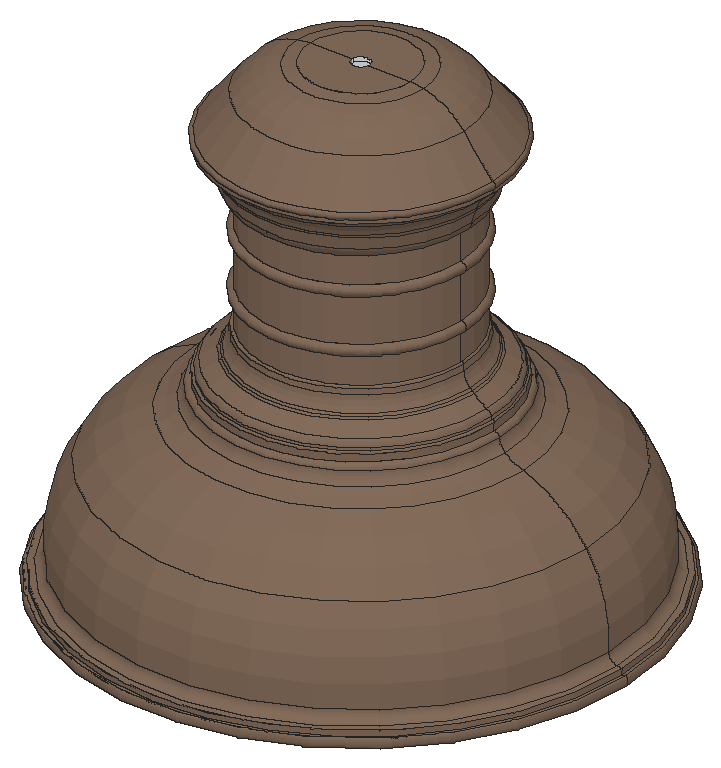
Revit family "SG16 SHADE", category Lighting Fixtures, Revit 2024
Family settings
  Round Connector Dimension = Use Diameter
  Part Type = Normal
  OmniClass Number = 23.80.70.00
  OmniClass Title = Lighting
  Work Plane-Based = No
  Always vertical = Yes
  Cut with Voids When Loaded = No
  Light Source = Yes
  Maintain Annotation Orientation = No
  Shared = No
  Room Calculation Point = No
Parameters
  Wattage = 12.1178 W
  built-in parameter 1150110 = 1 (stored number, unit not read)
  built-in parameter 1114217 = 1 (stored number, unit not read)
  built-in parameter 1150109 = 1 (stored number, unit not read)
  built-in parameter 1150134 = (empty or 0)
  built-in parameter 1150113 = 1 (stored number, unit not read)
  Lumens = 1800 lm
  built-in parameter 1150115 = 1 (stored number, unit not read)
  built-in parameter 1150105 = 572.96 (stored number, unit not read)
  Light Source Symbol Size = 2' - 0"
  built-in parameter 1150137 = (empty or 0)
  built-in parameter 1150139 = (empty or 0)
  built-in parameter 1150112 = 1 (stored number, unit not read)
  built-in parameter 1150114 = 1 (stored number, unit not read)
  built-in parameter 1150132 = 2
  built-in parameter 1150102 = (empty or 0)
  built-in parameter 1150138 = (empty or 0)
  built-in parameter 1150107 = 3000 (stored number, unit not read)
  built-in parameter 1150106 = 5.7296 (stored number, unit not read)
  built-in parameter 1150104 = 13.8 (stored number, unit not read)
  Dimming Lamp Color Temperature Shift = (empty or 0)
  Default Elevation = 0' - 0"
  Color Filter = 16777215
  built-in parameter 1114218 = 1 (stored number, unit not read)
  built-in parameter 1150133 = 10 (stored number, unit not read)
Reference planes (in)
  plane 1 "Light Source Axis (F/B)": y = 0
  plane 2: z = 0
  plane 3 "Light Source Axis (L/R)": x = 0
  plane 4 "Light Source Elevation": z = 54
Forms (in)
  Revolve 1, solid
    sketch origin (0, 0, 0) x (1, 0, 0) y (0, 0, 1)
      loop
        line (-0.25, 68) -> (-1.5, 68) -> (-1.87833, 67.93702)
        arc (-1.87833, 67.93702) -> (-2.55364, 67.69406) -> (-3.09971, 67.22834) r 2
        line (-3.09971, 67.22834) -> (-3.9543, 66.18066)
        arc (-3.9543, 66.18066) -> (-4.03698, 66.10547) -> (-4, 66) r 0.10119
        line (-4, 66) -> (-4, 65.88327) -> (-3.76601, 65.68919)
        arc (-3.76601, 65.68919) -> (-3.59706, 65.50955) -> (-3.47722, 65.29403) r 1
        arc (-3.47722, 65.29403) -> (-3.46126, 65.25211) -> (-3.447, 65.20959) r 1.11297
        line (-3.447, 65.20959) -> (-3.34119, 64.84204)
        arc (-3.34119, 64.84204) -> (-3.21462, 64.62716) -> (-3, 64.50015) r 0.5
        line (-3, 64.50015) -> (-3, 63.7)
        arc (-3, 63.7) -> (-3.14896, 63.55) -> (-3, 63.40001) r 0.15
        line (-3, 63.40001) -> (-3, 62.09999)
        arc (-3, 62.09999) -> (-3.14896, 61.95) -> (-3, 61.8) r 0.15
        line (-3, 61.8) -> (-3, 60.99827)
        arc (-3, 60.99827) -> (-3.05048, 60.98867) -> (-3.07671, 60.94448) r 0.0625
        line (-3.07671, 60.94448) -> (-3.09409, 60.78998)
        arc (-3.09409, 60.78998) -> (-3.15236, 60.57297) -> (-3.2723, 60.38296) r 0.75
        line (-3.2723, 60.38296) -> (-3.32219, 60.32531)
        arc (-3.32219, 60.32531) -> (-3.35012, 60.29729) -> (-3.38172, 60.27347) r 0.2812
        line (-3.38172, 60.27347) -> (-3.79479, 60.00536)
        arc (-3.79479, 60.00536) -> (-3.8752, 59.92617) -> (-3.918, 59.82174) r 0.2812
        line (-3.918, 59.82174) -> (-3.93157, 59.75)
        arc (-3.93157, 59.75) -> (-3.97776, 59.7419) -> (-3.99882, 59.7) r 0.05221
        line (-3.99882, 59.7) -> (-3.99882, 59.49565)
        arc (-3.99882, 59.49565) -> (-4.10847, 59.45023) -> (-4.15389, 59.34058) r 0.15507
        arc (-4.15389, 59.34058) -> (-4.20535, 59.15503) -> (-4.3304, 59.00861) r 0.44482
        arc (-4.3304, 59.00861) -> (-4.59533, 58.83984) -> (-4.88339, 58.71458) r 2.00179
        arc (-4.88339, 58.71458) -> (-5.94197, 58.15173) -> (-6.7748, 57.2893) r 3.832
        arc (-6.7748, 57.2893) -> (-7.33724, 56.08315) -> (-7.45323, 54.75738) r 3.832
        arc (-7.45323, 54.75738) -> (-7.50973, 54.56034) -> (-7.68356, 54.45172) r 0.28598
        line (-7.68356, 54.45172) -> (-7.84676, 54.42) -> (-7.84676, 54.27) -> (-7.94676, 54.27)
        spline (-7.94676, 54.27) -> (-7.9684, 54.25835) -> (-7.9863, 54.22539) -> (-7.99738, 54.17683) -> (-7.99972, 54.12105) -> (-7.99291, 54.06768) -> (-7.97813, 54.02593) -> (-7.95794, 54.00301) -> (-7.93581, 54.00288) -> (-7.91558, 54.02557) -> (-7.90073, 54.06715) -> (-7.89382, 54.12044) -> (-7.89606, 54.17625)
        line (-7.89606, 54.17625) -> (-7.75301, 54.17625) -> (-7.75301, 54.34272) -> (-7.66567, 54.3597)
        arc (-7.66567, 54.3597) -> (-7.43486, 54.50392) -> (-7.35984, 54.76555) r 0.37973
        arc (-7.35984, 54.76555) -> (-7.24668, 56.05889) -> (-6.69801, 57.23553) r 3.73825
        arc (-6.69801, 57.23553) -> (-5.88555, 58.07685) -> (-4.85287, 58.62594) r 3.73825
        arc (-4.85287, 58.62594) -> (-4.55131, 58.75706) -> (-4.27398, 58.93374) r 2.09554
        arc (-4.27398, 58.93374) -> (-4.12184, 59.1124) -> (-4.06011, 59.3388) r 0.53857
        arc (-4.06011, 59.3388) -> (-4.04281, 59.38331) -> (-3.99882, 59.4019) r 0.06132
        line (-3.99882, 59.4019) -> (-3.90507, 59.49565) -> (-3.90507, 59.7) -> (-3.82589, 59.80432)
        arc (-3.82589, 59.80432) -> (-3.79736, 59.87393) -> (-3.74375, 59.92672) r 0.18745
        line (-3.74375, 59.92672) -> (-3.33068, 60.19483)
        arc (-3.33068, 60.19483) -> (-3.27725, 60.23685) -> (-3.23229, 60.28782) r 0.37495
        arc (-3.23229, 60.28782) -> (-3.07594, 60.51453) -> (-3.00092, 60.7795) r 0.84375
        line (-3.00092, 60.7795) -> (-2.98355, 60.93401) -> (-2.90625, 60.92532) -> (-2.90625, 64.57667)
        arc (-2.90625, 64.57667) -> (-3.12286, 64.67002) -> (-3.2511, 64.86797) r 0.40625
        line (-3.2511, 64.86797) -> (-3.35691, 65.23552)
        arc (-3.35691, 65.23552) -> (-3.37263, 65.28268) -> (-3.39029, 65.32914) r 1.20002
        arc (-3.39029, 65.32914) -> (-3.52137, 65.56487) -> (-3.70616, 65.76135) r 1.09375
        line (-3.70616, 65.76135) -> (-3.90625, 65.92731) -> (-3.90625, 66.09125) -> (-3.02707, 67.16908)
        arc (-3.02707, 67.16908) -> (-2.5066, 67.61297) -> (-1.86293, 67.84454) r 1.90625
        line (-1.86293, 67.84454) -> (-1.49225, 67.90625) -> (-0.25, 67.90625) -> (-0.25, 68)
      axis (0, 68) -> (0, 54.17625)
    angle from 0 to 360
Dimensions and locks (in)
  aligned and locked: plane 3 "Light Source Axis (L/R)" to imposter light
  aligned and locked: plane 1 "Light Source Axis (F/B)" to imposter light
  aligned and locked: plane 4 "Light Source Elevation" to imposter light
  aligned and locked: level to plane 2
